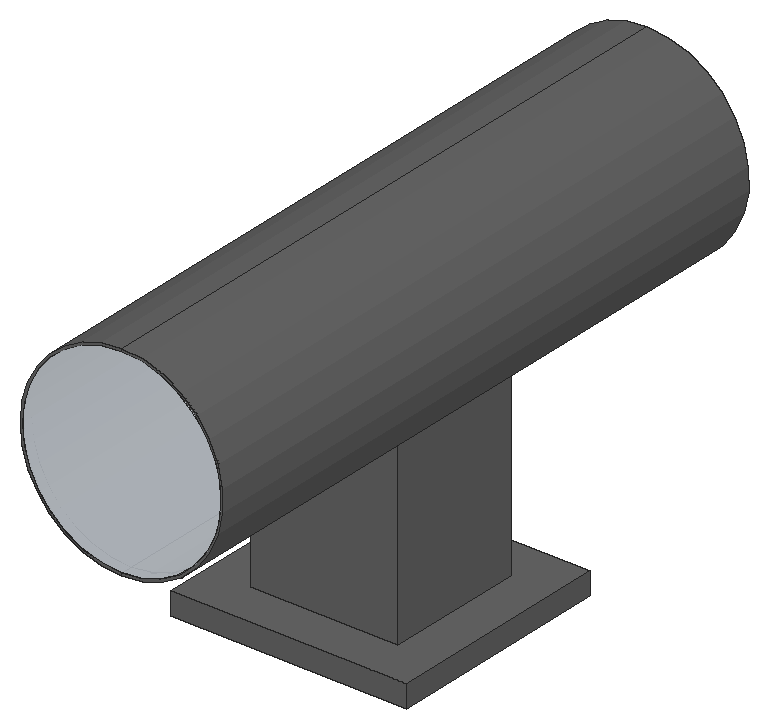
Revit family "LTC-3RDW-W", category Lighting Fixtures, host Face, Revit 2014
Parameters (values of type "LTC-3RDW-W")
  Wattage Comments = ""
  Wattage = 25 W
  Warranty = "• 5 year warranty\r\n• See HLI Standard Warranty for\r\nadditional information"  # constant formula
  built-in parameter 1150110 = 1 (stored number, unit not read)
  Voltage = 120 V
  built-in parameter 1114217 = 1 (stored number, unit not read)
  Tilt Angle = -90.00°  # constant formula
  built-in parameter 1150109 = 1 (stored number, unit not read)
  built-in parameter 1150134 = 3
  built-in parameter 1150113 = 1 (stored number, unit not read)
  Photometric Web File = "LTC-3RDPH-P-20L35K8MD-PM-S-BL.ies"
  Features = "•\t3inch architecturalLED round downlight and wall wash cylinder delivering 600 - 2000 lm\r\n•\t4 beam distributions from 0.4 to 1.1 Spacing Criteria\r\n•\tQuiet reflector appearance with 50º optical cutoff\r\n•\t2700K - 5000K, 80+ and 90+ CRI options\r\n•\tAvailable in Surface, Wall, Pendant, or Cord Mount configurations\r\n•\tVariety of dimming protocol options including 0-10V, DALI, DMX, Forward Phase and EcoSystem\r\n•\tNX Distributed Intelligence™ wired and wireless controls capability available\r\n•\t2 SDCM color consistency\r\n•\tLong life L90 at 55,000 hrs (TM-21)\r\n•\tFive year warranty\r\n\r\n"  # constant formula
  built-in parameter 1150105 = 179.05 (stored number, unit not read)
  Lumens = 2250 lm
  built-in parameter 1150115 = 1 (stored number, unit not read)
  built-in parameter 1150137 = (empty or 0)
  built-in parameter 1150139 = (empty or 0)
  built-in parameter 1150112 = 1 (stored number, unit not read)
  built-in parameter 1150114 = 1 (stored number, unit not read)
  built-in parameter 1150132 = (empty or 0)
  built-in parameter 1150102 = (empty or 0)
  built-in parameter 1150107 = 3200 (stored number, unit not read)
  built-in parameter 1150138 = (empty or 0)
  built-in parameter 1150106 = 1.7905 (stored number, unit not read)
  Emit from Circle Diameter = 4.000"  # constant formula
  Emit Shape Visible in Rendering = no
  built-in parameter 1150104 = 8.3613 (stored number, unit not read)
  Dimming Lamp Color Temperature Shift = <None>
  Copyright = "© 2019 Prescolite, a division of Hubbell Lighting, Inc"  # constant formula
  Contact us = "https://www.hubbell.com/prescolite/en/contactUs"
  Color Filter = 16777215
  Certifications = "• cCSAus certified to UL 1598\r\n• Wall Mount: Suitable for wet locations\r\n• Surface & Pendant Mount: Suitable for wet\r\nlocations under covered ceiling\r\n• Cord Mount and all Wall Wash: Suitable for\r\ndamp locations"  # constant formula
  built-in parameter 1114218 = 1 (stored number, unit not read)
  Ballast = Paint - Hubbell - Carbon Black
  URL = "http://www.prescolite.com/"
  Product Page URL = "https://www.hubbell.com/prescolite/en/Products/Lighting-Controls/Commercial-Indoor-Lighting/Cylinder/LITEISTRY-3-Round-Cylinder-DownlightWall-Wash/p/3775843"
  Product Documentation Link = "https://hubbellcdn.com/specsheet/LTC-3RDW.pdf"
  Model = "LTC-3RDW"  # constant formula
  Manufacturer = "Prescolite"  # constant formula
  Lamp = "LED Lamp"
  Reflector = Glass - Hubbell - Glass
  Description = "LITEISTRY™ 3inch Round Cylinder "  # constant formula
  Default Elevation = 48.000"
  Backbox = Hubbell - Matt Black
  built-in parameter 1150133 = 10 (stored number, unit not read)
  Apparent Load = 72 VA  # constant formula
Reference planes (in)
  plane 1 "Center (Front/Back)": y = 0
  plane 2: z = 0
  plane 3 "Center (Left/Right)": x = 0
  plane 4: x = -1
  plane 5: y = 1
  plane 6: x = 1
  plane 7: y = -1
  plane 8: y = 7
  plane 9: y = -7
  plane 10: y = -2.25
  plane 11: y = 2.25
  plane 12: z = 3.25714
Forms (in)
  Sweep 1, solid, material "Hubbell - Matt Black" <- "Backbox"
    path origin (5.35334, -0.10203, -0.08036) x (1, 0, 0) y (0, 1, 0)
      loop
        line (-7.61401, 2.28999) -> (-7.61401, -2.21001) -> (-2.98901, -2.21001) -> (-2.98901, 2.28999) -> (-7.61401, 2.28999)
    profile origin (0.05183, 2.18797, -0.08036) x (0, 1, 0) y (0, 0, 1)
      loop
        line (0, 0.4375) -> (-0.86619, 0.4375) -> (-0.86619, 3.97391) -> (-0.96619, 3.97391) -> (-0.96619, 0.3375) -> (-0.1, 0.3375) -> (-0.1, 0) -> (0, 0) -> (0, 0.4375)
Dimensions and locks (in)
  plane 4 to plane 3 "Center (Left/Right)" to plane 6 = 1.000" locked, 1.000" locked
  plane 5 to plane 1 "Center (Front/Back)" to plane 7 = 1.000" locked, 1.000" locked
  locked: Sweep 1 sketch curve to Sweep 1 sketch curve at 3.63641
  locked: Sweep 1 sketch curve to Sweep 1 sketch curve at 0.96619
  locked: Sweep 1 sketch curve to Sweep 1 sketch curve at 0.1  (x2)
  aligned and locked: plane 2 to host face
  aligned and locked: plane 3 "Center (Left/Right)" to imposter light
Nested families (in)
  nested 1: "LTC" at (0, 0.10365, 0.25) x (0, -1, 0) z (0, 0, 1), Ballast <- "Ballast", Reflector <- "Reflector", type "6"
    with Reflector Glass - Hubbell - Glass, Ballast Paint - Hubbell - Carbon Black
Connectors (in)
  electrical at (0, 0, 0), driven by "Description", driven by "Voltage", driven by "Apparent Load"
    settings: index 1, voltage 120 V, apparent load 72 VA, apparent load phase1 0 VA, apparent load phase2 0 VA, apparent load phase3 0 VA, power factor 1, load classification "Other", number of poles 1, system type 30, power factor state 1, is connector primary yes, connector utility no, sub classification motor no, connector description "LITEISTRY™ 3inch Round Cylinder "
Definition of nested family "LTC"
  Parameters (values of type "6")
    Width = 12.89844"
    Wattage Comments = ""
    Lamp = ""
    Ballast [instance] = Finish - Hubbell - Aluminium
    URL = ""
    Product Page URL = ""
    Product Documentation Link = ""
    Model = ""
    Manufacturer Phone = ""
    Manufacturer Fax = ""
    Manufacturer = "Prescolite"
    Reflector [instance] = Glass - Hubbell - Glass
    Description = ""
    Default Elevation = 48.000"
  Reference planes (in)
    plane 1 "Center (Front/Back)": y = 0
    plane 2: z = 0
    plane 3 "Center (Left/Right)": x = 0
    plane 4: y = 7.75
    plane 5: y = -7.75
    plane 6: x = -6.44922
    plane 7: x = 6.44922
    plane 8: x = 6.22865
    plane 9: x = -7.64635
    plane 10: z = 6.9
    plane 11: x = 6.10365
  Forms (in)
    Extrusion 1, solid
      sketch origin (0, 0, 0) x (1, 0, 0) y (0, 1, 0)
        loop
          line (-48, 48) -> (-48, -48) -> (48, -48) -> (48, 48) -> (-48, 48)
      from 0 to -6
    Extrusion 2, solid, material "Glass - Hubbell - Glass" <- "Reflector"
      sketch origin (22.47865, 0, 7.77135) x (0, 0, -1) y (0, 1, 0)
        loop
          circle (2.82643, 0) r 1.95
      from -16.02943 to -16.25
    Revolve 3, solid, material "Finish - Hubbell - Aluminium" <- "Ballast"
      sketch origin (-9.02135, 0, 7.27135) x (0, 0, -1) y (1, 0, 0)
        loop
          line (4.32643, 15.47057) -> (4.27643, 15.47057) -> (4.27643, 2.69713) -> (2.32643, 2.69713) -> (2.32643, 2.57213) -> (4.32643, 2.57213) -> (4.32643, 15.47057)
        axis (2.32643, 15.47057) -> (2.32643, 2.57213)
      angle from 0 to 360
  Dimensions and locks (in)
    locked: plane 4 to plane 1 "Center (Front/Back)" at 7.75
    locked: plane 5 to plane 1 "Center (Front/Back)" at 7.75
    "Width": plane 7 to plane 6
    equal spacing: plane 7, plane 3 "Center (Left/Right)", plane 6
    locked: plane 8 to plane 11 at 0.125
    Revolve 3 sketch curve to Revolve 3 sketch curve = 1.950"
    aligned and locked: plane 2 to Extrusion 1
    aligned and locked: Extrusion 2 sketch curve to Revolve 3
    aligned and locked: plane 6 to Revolve 3 sketch curve
    aligned and locked: plane 7 to Revolve 3 sketch curve
    aligned and locked: plane 7 to Extrusion 2
    aligned and locked: Extrusion 2 to plane 8
  Automatic sketch dimensions
    Extrusion 1 sketch curve to Extrusion 1 sketch curve = 96.000"  (x2)
    plane 10 to Revolve 3 sketch curve = 1.95508"
    plane 10 to Revolve 3 sketch curve = 3.95508"
    Revolve 3 sketch curve to Revolve 3 sketch curve = 11.32213"
    Revolve 3 sketch curve to Revolve 3 sketch curve = 8.000"
    plane 10 to Revolve 3 sketch curve = 3.90508"
    plane 9 to Revolve 3 sketch curve = 1.32213"
